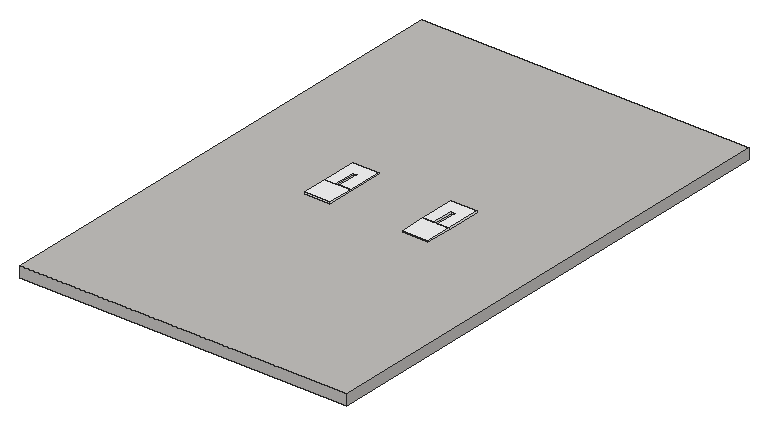
Revit family "Desk-Teknion-JNWDSE-Double_Sided_Rectangular_Exposed-R2018", category Furniture, Revit 2018
Family settings
  OmniClass Number = 23.40.20.00
  OmniClass Title = General Furniture and Specialties
  Work Plane-Based = No
  Always vertical = Yes
  Cut with Voids When Loaded = No
  Shared = Yes
  Room Calculation Point = No
Parameters (values of type "Double-Sided Beam")
  Worksurface Finish [instance] = Foundation Laminate - Teknion - LW - Storm White
  Width Note [instance] = if(and(or(Depth = 36.000", Depth = 48.000"), [Has Grommets - Both]), "48, 51, 54, 57, 60, 63, 66, 69, 72, 75, 78, 81, 84, 90, or 96 inches.", if(and(Depth = 60.000", [Has Grommets - Both]), "48, 51, 54, 57, 60, 63, 66, 69, 72, 75, 78, 81, or 84 inches.", if(and(or(Depth = 36.000", Depth = 48.000", Depth = 60.000"), [Has Square Cut-Out - Offset Left/Grommet - Center], [Has Square Cut-Out - Offset Right/Grommet - Center], [Has Square Cut-Out - Justified Adjacent/Grommet - Center], [Has Square Cut-Out - Justified Opposite/Grommet - Center]), "48, 51, 54, 57, 60, 63, 66, 69, 72, 75, 78, 81, or 84 inches.", if([Has Grommet - Center], "24, 27, 30, 33, 36, 39, 42, 45, 48, 51, 54, 57, 60, 63, 66, 69, 72, 75, 78, 81, or 84 inches.", if(and(or(Depth = 48.000", Depth = 60.000"), [Has Access Door - Center]), "30, 36, 42, 66, 72, 78, or 84 inches.", if(and(or(Depth = 48.000", Depth = 60.000"), [Has Access Door - Justified Adjacent], [Has Access Door - Justified Opposite]), "33, 36, 39, 42, 45, 48, 51, 54, 57, 60, 63, 66, 69, 72, 75, 78, 81, 84, 90, or 96 inches.", if(and(or(Depth = 48.000", Depth = 60.000"), [Has Access Door - Offset Left], [Has Access Door - Offset Right]), "60, 63, 66, 69, 72, 75, 78, 81, 84, 90, or 96 inches.", if(and(or(Depth = 48.000", Depth = 60.000"), [Has Access Door - Justified Adjacent/Grommet - Center], [Has Access Door - Justified Opposite/Grommet - Center], [Has End Access Door/Grommet - Center]), "48, 51, 54, 57, 60, 63, 66, 69, 72, 75, 78, 81, or 84 inches.", if(and(or(Depth = 48.000", Depth = 60.000"), [Has Access Door - Offset Left/Grommet - Center], [Has Access Door - Offset Right/Grommet - Center]), "60, 63, 66, 69, 72, 75, 78, 81, or 84 inches.", if(and(or(Depth = 36.000", Depth = 48.000"), [Has No Power/Data]), "24, 27, 30, 33, 36, 39, 42, 45, 48, 51, 54, 57, 60, 63, 66, 69, 72, 75, 78, 81, 84, 90, or 96 inches.", "24, 27, 30, 33, 36, 39, 42, 45, 48, 51, 54, 57, 60, 63, 66, 69, 72, 75, 78, 81, or 84 inches."))))))))))  # "24, 27, 30, 33, 36, 39, 42, 45, 48, 51, 54, 57, 60, 63, 66, 69, 72, 75, 78, 81, or 84 inches."
  Width [instance] = 57.000"
  Warranty = "http://www.teknion.com/ca/papers/legal-canada"
  Unit Weight URL = "http://www.teknion.com/ca/tools/assets#&asset=bee6a381-b954-425e-8283-5a2de3a804f2,f828d448-4b62-4231-9e5f-9a8991c0ed77"
  URL = "www.teknion.com"
  Top Right Square Cut 2D [instance] = or([Has Square Cut-Out - Offset Left/Grommet - Center], [Has Square Cut-Out - Justified Opposite/Grommet - Center])  # no
  Top Left Square Cut-Out Hole Depth [instance] = if(or([Has Square Cut-Out - Justified Adjacent/Grommet - Center], [Has Square Cut-Out - Offset Right/Grommet - Center]), 12.000", 4.000")  # 4.000"
  Top Left Square Cut-Out (2D) [instance] = or([Has Square Cut-Out - Justified Adjacent/Grommet - Center], [Has Square Cut-Out - Offset Right/Grommet - Center])  # no
  Sustainability Data = "http://www.teknion.com/ca/tools/assets#&topic=216f99a5-57a0-44fc-b10a-9dee9b29ae4c&asset=444deb64-fe58-4b68-981e-f75e97781df7"
  Top Right Square Cut-Out Hole Depth [instance] = if(or([Has Square Cut-Out - Offset Left/Grommet - Center], [Has Square Cut-Out - Justified Opposite/Grommet - Center]), 12.000", 4.000")  # 4.000"
  Single-Sided Beam = not([Double-Sided Beam])  # no
  Note [instance] = "Choose one of the following below."  # constant formula
  Model = "JNWDSED___"
  Leg Paint Finish [instance] = Mica - Teknion - V - Satin - Very White
  Left Square Cut Offset [instance] = if([Double-Sided Beam], 9.431", 7.738")  # 9.431"
  Left Grommet Offset [instance] = if([Double-Sided Beam], 6.890", 5.287")  # 6.890"
  Has Square Cut-Out - Offset Right/Grommet - Center [instance] = no
  Has Square Cut-Out - Offset Left/Grommet - Center [instance] = no
  Has Square Cut-Out - Justified Opposite/Grommet - Center [instance] = no
  Has Right Freestanding Leg [instance] = no
  Has No Power/Data [instance] = no
  Has Left Freestanding Leg [instance] = no
  Has Access Door - Justified Opposite/Grommet - Center [instance] = no
  Has Access Door - Justified Opposite [instance] = no
  Grommet Finish [instance] = Mica - Teknion - V - Satin - Very White
  Double-Sided Beam = yes
  Description = "Double-Sided Rectangular Worksurface - Exposed Beam, Double-Sided Beam"
  Center Grommet Offset [instance] = if([Double-Sided Beam], 4.174", 5.020")  # 4.174"
  Center Access Door Offset [instance] = if([Double-Sided Beam], 3.879", 3.031")  # 3.879"
  Bottom Right Square Cut-Out Hole Depth [instance] = if(or([Has Square Cut-Out - Offset Right/Grommet - Center], [Has Square Cut-Out - Justified Opposite/Grommet - Center]), 12.000", 4.000")  # 4.000"
  Bottom Right Square Cut 2D [instance] = or([Has Square Cut-Out - Offset Right/Grommet - Center], [Has Square Cut-Out - Justified Opposite/Grommet - Center])  # no
  Bottom Left Square Cut-Out Hole Depth [instance] = if(or([Has Square Cut-Out - Justified Adjacent/Grommet - Center], [Has Square Cut-Out - Offset Left/Grommet - Center]), 12.000", 4.000")  # 4.000"
  Series = "Cityline"  # constant formula
  Right Grommet [instance] = or([Has Grommets - Both])  # no
  Product Page URL = "http://www.teknion.com/ca/products/product-details?productlineid=9ad2a26e-8e7a-673b-a6c8-ff05004460c4"
  Product Line = "Cityline"  # constant formula
  Product Documentation Link = "http://www.teknion.com/pricing/expansion-cityline/pdfs/JNWDSE_ppg.pdf"
  Part Number = "JNWDSE"  # constant formula
  Manufacturer Phone = "416-661-3370"  # constant formula
  Manufacturer Fax = "416.661.4586"  # constant formula
  Manufacturer Contact Information = "http://www.teknion.com/ca/contactus"
  Manufacturer Address = "1150 Flint Road, Toronto, ON. M3J 2J5. Canada"  # constant formula
  Manufacturer = "Teknion"  # constant formula
  Left Grommet [instance] = or([Has Grommets - Both])  # no
  Has Square Cut-Out - Justified Adjacent/Grommet - Center [instance] = no
  Has Grommets - Both [instance] = no
  Has Grommet - Center [instance] = yes
  Has End Access Door/Grommet - Center [instance] = no
  Has Access Door - Offset Right/Grommet - Center [instance] = no
  Has Access Door - Offset Right [instance] = no
  Has Access Door - Offset Left/Grommet - Center [instance] = no
  Has Access Door - Offset Left [instance] = no
  Has Access Door - Justified Adjacent/Grommet - Center [instance] = no
  Has Access Door - Justified Adjacent [instance] = no
  Has Access Door - Center [instance] = no
  Bottom Left Square Cut-Out (2D) [instance] = or([Has Square Cut-Out - Justified Adjacent/Grommet - Center], [Has Square Cut-Out - Offset Left/Grommet - Center])  # no
  Available Depths [instance] = if(or([Has Access Door - Center], [Has Access Door - Justified Adjacent], [Has Access Door - Justified Opposite], [Has Access Door - Offset Left], [Has Access Door - Offset Right], [Has Access Door - Justified Opposite/Grommet - Center], [Has Access Door - Justified Adjacent/Grommet - Center], [Has End Access Door/Grommet - Center], [Has Access Door - Offset Left/Grommet - Center], [Has Access Door - Offset Right/Grommet - Center]), "48 or 60 inches.", "36, 48, or 60 inches.")  # "36, 48, or 60 inches."
  Actual Width [instance] = if([Single-Sided Beam], Width - 3.386", Width - 1.693")  # 55.307"
  Access Door Finish [instance] = Mica - Teknion - V - Satin - Very White
  Access Door Bottom Offset [instance] = if([Double-Sided Beam], 8.583", 6.890")  # 8.583"
  Access Door - Offset Right [instance] = or([Has Access Door - Offset Right], [Has Access Door - Offset Right/Grommet - Center], [Has Access Door - Justified Opposite], [Has Access Door - Justified Opposite/Grommet - Center])  # no
  Access Door - Offset Left [instance] = or([Has Access Door - Offset Left], [Has Access Door - Offset Left/Grommet - Center], [Has Access Door - Justified Opposite], [Has Access Door - Justified Opposite/Grommet - Center])  # no
  Access Door - Justified (Bottom) [instance] = or([Has Access Door - Justified Adjacent/Grommet - Center], [Has Access Door - Justified Adjacent], [Has Access Door - Offset Left], [Has Access Door - Offset Left/Grommet - Center])  # no
  Access Door - Justified (Top) [instance] = or([Has Access Door - Justified Adjacent/Grommet - Center], [Has Access Door - Justified Adjacent], [Has Access Door - Offset Right], [Has Access Door - Offset Right/Grommet - Center])  # no
  End Access Door [instance] = or([Has End Access Door/Grommet - Center])  # no
  Depth [instance] = 36.000"
  Center Grommet [instance] = or([Has Grommet - Center], [Has End Access Door/Grommet - Center], [Has Access Door - Justified Adjacent/Grommet - Center], [Has Square Cut-Out - Justified Adjacent/Grommet - Center], [Has Access Door - Offset Left/Grommet - Center], [Has Access Door - Offset Right/Grommet - Center], [Has Square Cut-Out - Offset Left/Grommet - Center], [Has Square Cut-Out - Offset Right/Grommet - Center], [Has Access Door - Justified Opposite/Grommet - Center], [Has Square Cut-Out - Justified Opposite/Grommet - Center])  # yes
  Center Access Door [instance] = or([Has Access Door - Center])  # no
  Assembly Code = "E2020200"
Reference planes (in)
  plane 1 "Center Front/Back": x = -13.69149
  plane 2: z = 0
  plane 3 "Center Left/Right": y = 9.10368
  plane 4 "Left": y = 36.75718
  plane 5 "Right": y = -18.54982
  plane 6 "Back": x = 4.30851
  plane 7 "Front": x = -31.69149
  plane 8 "Top": z = 29
  plane 9 "Void Cut Plane": z = 35
  plane 10: z = 29.15748
  plane 11: y = 35.25718
  plane 12: y = 31.79655
  plane 13: y = -17.04982
  plane 14: y = -13.58919
  plane 15: z = 27.69291
  plane 16: z = 27.81102
  plane 17: x = -4.69149
  plane 18: x = -22.69149
  plane 19: z = 29.07874
Forms (in)
  Extrusion 1, solid, material "Foundation Laminate - Teknion - LW - Storm White" <- "Worksurface Finish"
    sketch origin (-13.69149, 9.95018, 0) x (0, -1, 0) y (1, 0, 0)
      loop
        line (-26.807, 18) -> (-26.807, -18) -> (28.5, -18) -> (28.5, 18) -> (-26.807, 18)
    from 27.81102 to 29
  Extrusion 2, solid, material "Mica - Teknion - V - Satin - Very White" <- "Grommet Finish", visible <- "Center Grommet"
    sketch origin (-13.69149, 9.95018, 0) x (0, -1, 0) y (1, 0, 0)
      loop
        line (0.47859, 6.81573) -> (-3.3275, 6.81573) -> (-3.3275, 3.97167) -> (0.47859, 3.97167) -> (0.47859, 5.18103) -> (-1.80002, 5.18103) -> (-1.80002, 5.60637) -> (0.47859, 5.60637) -> (0.47859, 6.81573)
    from 29 to 29.15748
  Extrusion 3, solid, material "Mica - Teknion - V - Satin - Very White" <- "Grommet Finish", visible <- "Center Grommet"
    sketch origin (-13.69149, 9.95018, 0) x (0, -1, 0) y (1, 0, 0)
      loop
        line (0.47859, 6.81573) -> (0.47859, 3.97167) -> (3.32682, 3.97167) -> (3.32682, 6.81573) -> (0.47859, 6.81573)
    from 29 to 29.15748
  Extrusion 4, solid, material "Mica - Teknion - V - Satin - Very White" <- "Grommet Finish", visible <- "Center Grommet"
    sketch origin (-24.47889, 9.95018, 0) x (0, -1, 0) y (1, 0, 0)
      loop
        line (0.47859, 6.81573) -> (-3.3275, 6.81573) -> (-3.3275, 3.97167) -> (0.47859, 3.97167) -> (0.47859, 5.18103) -> (-1.80002, 5.18103) -> (-1.80002, 5.60637) -> (0.47859, 5.60637) -> (0.47859, 6.81573)
    from 29 to 29.15748
  Extrusion 5, solid, material "Mica - Teknion - V - Satin - Very White" <- "Grommet Finish", visible <- "Center Grommet"
    sketch origin (-24.47889, 9.95018, 0) x (0, -1, 0) y (1, 0, 0)
      loop
        line (0.47859, 6.81573) -> (0.47859, 3.97167) -> (3.32682, 3.97167) -> (3.32682, 6.81573) -> (0.47859, 6.81573)
    from 29 to 29.15748
  Extrusion 6, solid, material "Mica - Teknion - V - Satin - Very White" <- "Grommet Finish", visible <- "Left Grommet"
    sketch origin (-13.69149, 47.73318, 0) x (0, 1, 0) y (-1, 0, 0)
      loop
        line (-20.71423, -6.81573) -> (-20.71423, -5.60637) -> (-22.99283, -5.60637) -> (-22.99283, -5.18103) -> (-20.71423, -5.18103) -> (-20.71423, -3.97167) -> (-24.52032, -3.97167) -> (-24.52032, -6.81573) -> (-20.71423, -6.81573)
    from 29 to 29.15748
  Extrusion 7, solid, material "Mica - Teknion - V - Satin - Very White" <- "Grommet Finish", visible <- "Left Grommet"
    sketch origin (-13.69149, 47.73318, 0) x (0, 1, 0) y (-1, 0, 0)
      loop
        line (-20.71423, -6.81573) -> (-17.866, -6.81573) -> (-17.866, -3.97167) -> (-20.71423, -3.97167) -> (-20.71423, -6.81573)
    from 29 to 29.15748
  Extrusion 8, solid, material "Mica - Teknion - V - Satin - Very White" <- "Grommet Finish", visible <- "Left Grommet"
    sketch origin (-24.47889, 47.73318, 0) x (0, 1, 0) y (-1, 0, 0)
      loop
        line (-20.71423, -6.81573) -> (-20.71423, -5.60637) -> (-22.99283, -5.60637) -> (-22.99283, -5.18103) -> (-20.71423, -5.18103) -> (-20.71423, -3.97167) -> (-24.52032, -3.97167) -> (-24.52032, -6.81573) -> (-20.71423, -6.81573)
    from 29 to 29.15748
  Extrusion 9, solid, material "Mica - Teknion - V - Satin - Very White" <- "Grommet Finish", visible <- "Left Grommet"
    sketch origin (-24.47889, 47.73318, 0) x (0, 1, 0) y (-1, 0, 0)
      loop
        line (-20.71423, -6.81573) -> (-17.866, -6.81573) -> (-17.866, -3.97167) -> (-20.71423, -3.97167) -> (-20.71423, -6.81573)
    from 29 to 29.15748
  Extrusion 10, solid, material "Mica - Teknion - V - Satin - Very White" <- "Grommet Finish", visible <- "Right Grommet"
    sketch origin (-13.69149, -26.04982, 0) x (0, -1, 0) y (1, 0, 0)
      loop
        line (-19.02107, 6.81573) -> (-22.82716, 6.81573) -> (-22.82716, 3.97167) -> (-19.02107, 3.97167) -> (-19.02107, 5.18103) -> (-21.29967, 5.18103) -> (-21.29967, 5.60637) -> (-19.02107, 5.60637) -> (-19.02107, 6.81573)
    from 29 to 29.15748
  Extrusion 11, solid, material "Mica - Teknion - V - Satin - Very White" <- "Grommet Finish", visible <- "Right Grommet"
    sketch origin (-13.69149, -26.04982, 0) x (0, -1, 0) y (1, 0, 0)
      loop
        line (-19.02107, 6.81573) -> (-19.02107, 3.97167) -> (-16.17284, 3.97167) -> (-16.17284, 6.81573) -> (-19.02107, 6.81573)
    from 29 to 29.15748
  Extrusion 12, solid, material "Mica - Teknion - V - Satin - Very White" <- "Grommet Finish", visible <- "Right Grommet"
    sketch origin (-24.47889, -26.04982, 0) x (0, -1, 0) y (1, 0, 0)
      loop
        line (-19.02107, 6.81573) -> (-22.82716, 6.81573) -> (-22.82716, 3.97167) -> (-19.02107, 3.97167) -> (-19.02107, 5.18103) -> (-21.29967, 5.18103) -> (-21.29967, 5.60637) -> (-19.02107, 5.60637) -> (-19.02107, 6.81573)
    from 29 to 29.15748
  Extrusion 13, solid, material "Mica - Teknion - V - Satin - Very White" <- "Grommet Finish", visible <- "Right Grommet"
    sketch origin (-24.47889, -26.04982, 0) x (0, -1, 0) y (1, 0, 0)
      loop
        line (-19.02107, 6.81573) -> (-19.02107, 3.97167) -> (-16.17284, 3.97167) -> (-16.17284, 6.81573) -> (-19.02107, 6.81573)
    from 29 to 29.15748
  Extrusion 14, solid, material "Mica - Teknion - V - Satin - Very White" <- "Access Door Finish", visible <- "Center Access Door"
    sketch origin (-13.69149, 10.79618, 29) x (0, 1, 0) y (-1, 0, 0)
      loop
        line (3.56236, -2.58661) -> (-5.25654, -2.58661) -> (-5.25654, -8.41339) -> (3.56236, -8.41339) -> (3.56236, -2.58661)
      loop
        line (3.87732, -8.72835) -> (3.87732, -2.27165) -> (-5.5715, -2.27165) -> (-5.5715, -8.72835) -> (3.87732, -8.72835)
    from 0 to 0.07874
  Extrusion 15, solid, material "Mica - Teknion - V - Satin - Very White" <- "Access Door Finish", visible <- "Center Access Door"
    sketch origin (-13.69149, 10.79618, 29) x (0, 1, 0) y (-1, 0, 0)
      loop
        line (-5.2178, -7.88189) -> (3.52236, -7.88189) -> (3.52236, -3.11811) -> (-5.2178, -3.11811) -> (-5.2178, -7.88189)
    from 0 to 0.07874
  Extrusion 16, solid, material "Mica - Teknion - V - Satin - Very White" <- "Access Door Finish", visible <- "Center Access Door"
    sketch origin (-13.69149, 10.79518, 29) x (0, 1, 0) y (-1, 0, 0)
      loop
        line (-5.21658, 7.88189) -> (-5.21658, 3.11811) -> (3.52358, 3.11811) -> (3.52358, 7.88189) -> (-5.21658, 7.88189)
    from 0 to 0.07874
  Extrusion 17, solid, material "Mica - Teknion - V - Satin - Very White" <- "Access Door Finish", visible <- "Center Access Door"
    sketch origin (-13.69149, 10.79518, 29) x (0, 1, 0) y (-1, 0, 0)
      loop
        line (3.56336, 2.58661) -> (3.56336, 8.41339) -> (-5.25554, 8.41339) -> (-5.25554, 2.58661) -> (3.56336, 2.58661)
      loop
        line (3.87832, 8.72835) -> (-5.5705, 8.72835) -> (-5.5705, 2.27165) -> (3.87832, 2.27165) -> (3.87832, 8.72835)
    from 0 to 0.07874
  Extrusion 18, solid, material "Mica - Teknion - V - Satin - Very White" <- "Access Door Finish", visible <- "End Access Door"
    sketch origin (-13.69149, 9.95018, 29) x (0, 1, 0) y (-1, 0, 0)
      loop
        line (18.09145, -13.72441) -> (24.54814, -13.72441) -> (24.54814, -4.27559) -> (18.09145, -4.27559) -> (18.09145, -13.72441)
      loop
        line (24.23318, -13.40945) -> (24.23318, -4.59055) -> (18.40641, -4.59055) -> (18.40641, -13.40945) -> (24.23318, -13.40945)
    from 0 to 0.15748
  Extrusion 19, solid, material "Mica - Teknion - V - Satin - Very White" <- "Access Door Finish", visible <- "End Access Door"
    sketch origin (-13.69149, 9.95018, 29) x (0, 1, 0) y (-1, 0, 0)
      loop
        line (23.70169, -13.37008) -> (23.70169, -4.62992) -> (18.93791, -4.62992) -> (18.93791, -13.37008) -> (23.70169, -13.37008)
    from 0 to 0.15748
  Extrusion 20, solid, material "Mica - Teknion - V - Satin - Very White" <- "Access Door Finish", visible <- "End Access Door"
    sketch origin (-13.69149, 9.95018, 29) x (0, 1, 0) y (-1, 0, 0)
      loop
        line (18.09145, 13.72441) -> (18.09145, 4.27559) -> (24.54814, 4.27559) -> (24.54814, 13.72441) -> (18.09145, 13.72441)
      loop
        line (24.23318, 13.40945) -> (18.40641, 13.40945) -> (18.40641, 4.59055) -> (24.23318, 4.59055) -> (24.23318, 13.40945)
    from 0 to 0.15748
  Extrusion 21, solid, material "Mica - Teknion - V - Satin - Very White" <- "Access Door Finish", visible <- "End Access Door"
    sketch origin (-13.69149, 9.95018, 29) x (0, 1, 0) y (-1, 0, 0)
      loop
        line (23.70169, 13.37008) -> (18.93791, 13.37008) -> (18.93791, 4.62992) -> (23.70169, 4.62992) -> (23.70169, 13.37008)
    from 0 to 0.15748
  Extrusion 22, solid, material "Mica - Teknion - V - Satin - Very White" <- "Access Door Finish", visible <- "Access Door - Justified (Top)"
    sketch origin (-44.70428, 55.33577, 29) x (1, 0, 0) y (0, 1, 0)
      loop
        line (33.28445, -36.61041) -> (39.74114, -36.61041) -> (39.74114, -27.16159) -> (33.28445, -27.16159) -> (33.28445, -36.61041)
      loop
        line (39.42618, -36.29545) -> (39.42618, -27.47655) -> (33.59941, -27.47655) -> (33.59941, -36.29545) -> (39.42618, -36.29545)
    from 0 to 0.07874
  Extrusion 23, solid, material "Mica - Teknion - V - Satin - Very White" <- "Access Door Finish", visible <- "Access Door - Justified (Top)"
    sketch origin (-44.70428, 55.33577, 29) x (1, 0, 0) y (0, 1, 0)
      loop
        line (38.89469, -36.25608) -> (38.89469, -27.51592) -> (34.13091, -27.51592) -> (34.13091, -36.25608) -> (38.89469, -36.25608)
    from 0 to 0.07874
  Extrusion 24, solid, material "Mica - Teknion - V - Satin - Very White" <- "Access Door Finish", visible <- "Access Door - Justified (Bottom)"
    sketch origin (17.32131, 51.95018, 29) x (-1, 0, 0) y (0, -1, 0)
      loop
        line (33.28445, 33.22482) -> (33.28445, 23.776) -> (39.74114, 23.776) -> (39.74114, 33.22482) -> (33.28445, 33.22482)
      loop
        line (39.42618, 32.90986) -> (33.59941, 32.90986) -> (33.59941, 24.09096) -> (39.42618, 24.09096) -> (39.42618, 32.90986)
    from 0 to 0.07874
  Extrusion 25, solid, material "Mica - Teknion - V - Satin - Very White" <- "Access Door Finish", visible <- "Access Door - Justified (Bottom)"
    sketch origin (17.32131, 55.33514, 29) x (-1, 0, 0) y (0, -1, 0)
      loop
        line (38.89469, 36.25608) -> (34.13091, 36.25608) -> (34.13091, 27.51592) -> (38.89469, 27.51592) -> (38.89469, 36.25608)
    from 0 to 0.07874
  Extrusion 26, void
    sketch origin (-13.69149, 13.40718, 35) x (-1, 0, 0) y (0, -1, 0)
      loop
        arc (4.51732, -13.62924) -> (4.60219, -13.83413) -> (4.80709, -13.919) r 0.28976
        line (4.80709, -13.919) -> (5.98031, -13.919)
        arc (5.98031, -13.919) -> (6.18521, -13.83413) -> (6.27008, -13.62924) r 0.28976
        line (6.27008, -13.62924) -> (6.27008, -12.45601)
        arc (6.27008, -12.45601) -> (6.18521, -12.25111) -> (5.98031, -12.16624) r 0.28976
        line (5.98031, -12.16624) -> (4.80709, -12.16624)
        arc (4.80709, -12.16624) -> (4.60219, -12.25111) -> (4.51732, -12.45601) r 0.28976
        line (4.51732, -12.45601) -> (4.51732, -13.62924)
    from 0 to -4
  Extrusion 27, solid, material "Mica - Teknion - V - Satin - Very White" <- "Access Door Finish", visible <- "Access Door - Offset Left"
    sketch origin (-44.70428, -29.04982, 29) x (1, 0, 0) y (0, 1, 0)
      loop
        line (33.28445, 30.22441) -> (33.28445, 20.77559) -> (39.74114, 20.77559) -> (39.74114, 30.22441) -> (33.28445, 30.22441)
      loop
        line (39.42618, 29.90945) -> (33.59941, 29.90945) -> (33.59941, 21.09055) -> (39.42618, 21.09055) -> (39.42618, 29.90945)
    from 0 to 0.07874
  Extrusion 28, solid, material "Mica - Teknion - V - Satin - Very White" <- "Access Door Finish", visible <- "Access Door - Offset Left"
    sketch origin (-44.70428, -29.04982, 29) x (1, 0, 0) y (0, 1, 0)
      loop
        line (38.89469, 29.87008) -> (34.13091, 29.87008) -> (34.13091, 21.12992) -> (38.89469, 21.12992) -> (38.89469, 29.87008)
    from 0 to 0.07874
  Extrusion 29, solid, material "Mica - Teknion - V - Satin - Very White" <- "Access Door Finish", visible <- "Access Door - Offset Right"
    sketch origin (-55.70428, -32.04982, 29) x (1, 0, 0) y (0, 1, 0)
      loop
        line (33.28445, 33.22441) -> (33.28445, 23.77559) -> (39.74114, 23.77559) -> (39.74114, 33.22441) -> (33.28445, 33.22441)
      loop
        line (39.42618, 32.90945) -> (33.59941, 32.90945) -> (33.59941, 24.09055) -> (39.42618, 24.09055) -> (39.42618, 32.90945)
    from 0 to 0.07874
  Extrusion 30, solid, material "Mica - Teknion - V - Satin - Very White" <- "Access Door Finish", visible <- "Access Door - Offset Right"
    sketch origin (-55.70428, -32.04982, 29) x (1, 0, 0) y (0, 1, 0)
      loop
        line (38.89469, 32.87008) -> (34.13091, 32.87008) -> (34.13091, 24.12992) -> (38.89469, 24.12992) -> (38.89469, 32.87008)
    from 0 to 0.07874
  Extrusion 31, void
    sketch origin (-13.69149, 13.40718, 35) x (1, 0, 0) y (0, 1, 0)
      loop
        line (4.51732, 13.62924) -> (4.51732, 12.45601)
        arc (4.51732, 12.45601) -> (4.60219, 12.25111) -> (4.80709, 12.16624) r 0.28976
        line (4.80709, 12.16624) -> (5.98031, 12.16624)
        arc (5.98031, 12.16624) -> (6.18521, 12.25111) -> (6.27008, 12.45601) r 0.28976
        line (6.27008, 12.45601) -> (6.27008, 13.62924)
        arc (6.27008, 13.62924) -> (6.18521, 13.83413) -> (5.98031, 13.919) r 0.28976
        line (5.98031, 13.919) -> (4.80709, 13.919)
        arc (4.80709, 13.919) -> (4.60219, 13.83413) -> (4.51732, 13.62924) r 0.28976
    from 0 to -4
  Extrusion 32, void
    sketch origin (-13.69149, 9.95018, 35) x (1, 0, 0) y (0, 1, 0)
      loop
        arc (4.51732, -17.08661) -> (4.60219, -17.29151) -> (4.80709, -17.37638) r 0.28976
        line (4.80709, -17.37638) -> (5.98031, -17.37638)
        arc (5.98031, -17.37638) -> (6.18521, -17.29151) -> (6.27008, -17.08661) r 0.28976
        line (6.27008, -17.08661) -> (6.27008, -15.91339)
        arc (6.27008, -15.91339) -> (6.18521, -15.70849) -> (5.98031, -15.62362) r 0.28976
        line (5.98031, -15.62362) -> (4.80709, -15.62362)
        arc (4.80709, -15.62362) -> (4.60219, -15.70849) -> (4.51732, -15.91339) r 0.28976
        line (4.51732, -15.91339) -> (4.51732, -17.08661)
    from 0 to -4
  Extrusion 33, void
    sketch origin (-13.69149, 9.95018, 35) x (-1, 0, 0) y (0, -1, 0)
      loop
        line (4.51732, 17.08661) -> (4.51732, 15.91339)
        arc (4.51732, 15.91339) -> (4.60219, 15.70849) -> (4.80709, 15.62362) r 0.28976
        line (4.80709, 15.62362) -> (5.98031, 15.62362)
        arc (5.98031, 15.62362) -> (6.18521, 15.70849) -> (6.27008, 15.91339) r 0.28976
        line (6.27008, 15.91339) -> (6.27008, 17.08661)
        arc (6.27008, 17.08661) -> (6.18521, 17.29151) -> (5.98031, 17.37638) r 0.28976
        line (5.98031, 17.37638) -> (4.80709, 17.37638)
        arc (4.80709, 17.37638) -> (4.60219, 17.29151) -> (4.51732, 17.08661) r 0.28976
    from 0 to -4
  Extrusion 34, solid, material "Mica - Teknion - V - Satin - Very White" <- "Leg Paint Finish", visible <- "Has Left Freestanding Leg"
    sketch origin (0, 36.75718, 0) x (1, 0, 0) y (0, 0, 1)
      loop
        line (0.20189, 27.69291) -> (-27.58486, 27.69291) -> (-31.09905, 1) -> (-28.57748, 1) -> (-25.82018, 21.9438)
        arc (-25.82018, 21.9438) -> (-25.56502, 22.5598) -> (-24.94901, 22.81496) r 0.87116
        line (-24.94901, 22.81496) -> (-2.43396, 22.81496)
        arc (-2.43396, 22.81496) -> (-1.86522, 22.6009) -> (-1.57875, 22.06496) r 0.86259
        line (-1.57875, 22.06496) -> (1.1945, 1) -> (3.71608, 1) -> (0.20189, 27.69291)
    from 0 to 1.5
  Extrusion 35, solid, material "Mica - Teknion - V - Satin - Very White" <- "Leg Paint Finish", visible <- "Has Left Freestanding Leg"
    sketch origin (-13.69149, 9.95018, 35) x (-1, 0, 0) y (0, -1, 0)
      loop
        line (-16.41306, -21.84637) -> (-16.41306, -26.807) -> (16.41306, -26.807) -> (16.41306, -21.84637) -> (-16.41306, -21.84637)
    from -7.30709 to -7.18898
  Extrusion 36, solid, material "Mica - Teknion - V - Satin - Very White" <- "Leg Paint Finish", visible <- "Has Right Freestanding Leg"
    sketch origin (-13.69149, 9.95018, 35) x (-1, 0, 0) y (0, -1, 0)
      loop
        line (-16.41306, 23.53937) -> (16.41306, 23.53937) -> (16.41306, 28.5) -> (-16.41306, 28.5) -> (-16.41306, 23.53937)
    from -7.30709 to -7.18898
  Extrusion 37, solid, material "Mica - Teknion - V - Satin - Very White" <- "Leg Paint Finish", visible <- "Has Right Freestanding Leg"
    sketch origin (-14.68599, -17.04982, 0) x (1, 0, 0) y (0, 0, 1)
      loop
        line (14.88788, 27.69291) -> (-12.89887, 27.69291) -> (-16.41306, 1) -> (-13.89149, 1) -> (-11.13418, 21.9438)
        arc (-11.13418, 21.9438) -> (-10.87903, 22.5598) -> (-10.26302, 22.81496) r 0.87116
        line (-10.26302, 22.81496) -> (12.25203, 22.81496)
        arc (12.25203, 22.81496) -> (12.82077, 22.6009) -> (13.10724, 22.06496) r 0.86259
        line (13.10724, 22.06496) -> (15.8805, 1) -> (18.40207, 1) -> (14.88788, 27.69291)
    from 0 to 1.5
  Extrusion 38, solid, material "Mica - Teknion - V - Satin - Very White" <- "Leg Paint Finish", visible <- "Has Right Freestanding Leg"
    sketch origin (0, -18.54982, 0) x (1, 0, 0) y (0, 0, -1)
      loop
        line (-28.89516, -1) -> (-29.02681, 0) -> (-31.09172, 0) -> (-30.96007, -1) -> (-28.89516, -1)
    from 0 to 1.5
  Extrusion 39, solid, material "Mica - Teknion - V - Satin - Very White" <- "Leg Paint Finish", visible <- "Has Right Freestanding Leg"
    sketch origin (0, -18.54982, 0) x (-1, 0, 0) y (0, 0, 1)
      loop
        line (-1.51218, 1) -> (-3.57709, 1) -> (-3.70874, 0) -> (-1.64383, 0) -> (-1.51218, 1)
    from 0 to 1.5
  Extrusion 40, solid, material "Mica - Teknion - V - Satin - Very White" <- "Leg Paint Finish", visible <- "Has Left Freestanding Leg"
    sketch origin (-13.69149, 38.45018, 0) x (1, 0, 0) y (0, 0, 1)
      loop
        line (-15.20367, 1) -> (-17.26858, 1) -> (-17.40023, 0) -> (-15.33532, 0) -> (-15.20367, 1)
    from 1.693 to 3.193
  Extrusion 41, solid, material "Mica - Teknion - V - Satin - Very White" <- "Leg Paint Finish", visible <- "Has Left Freestanding Leg"
    sketch origin (-13.69149, 38.45018, 0) x (-1, 0, 0) y (0, 0, -1)
      loop
        line (-15.20367, -1) -> (-15.33532, 0) -> (-17.40023, 0) -> (-17.26858, -1) -> (-15.20367, -1)
    from 1.693 to 3.193
Cuts and joins
  Extrusion 26, Extrusion 31, Extrusion 32, Extrusion 33 cuts Extrusion 1
Lines and regions (in)
  Masking region 1
    outline origin (-13.69149, 9.95018, 35) x (-1, 0, 0) y (0, -1, 0)
      loop
        line (-18, 28.5) -> (-18, -26.807) -> (18, -26.807) -> (18, 28.5) -> (-18, 28.5)
  symbolic lines, visible <- "End Access Door"
    curve 1: line (-9.10094, 34.18337, 35) -> (-0.28204, 34.18337, 35)
    curve 2: line (-0.28204, 34.18337, 35) -> (-0.28204, 28.35659, 35)
    curve 3: line (-0.28204, 28.35659, 35) -> (-9.10094, 28.35659, 35)
    curve 4: line (-9.10094, 28.35659, 35) -> (-9.10094, 34.18337, 35)
    curve 5: line (0.03292, 34.49833, 35) -> (-9.4159, 34.49833, 35)
    curve 6: line (-9.4159, 34.49833, 35) -> (-9.4159, 28.04163, 35)
    curve 7: line (-9.4159, 28.04163, 35) -> (0.03292, 28.04163, 35)
    curve 8: line (0.03292, 28.04163, 35) -> (0.03292, 34.49833, 35)
    curve 9: line (-0.32141, 33.65187, 35) -> (-9.06157, 33.65187, 35)
    curve 10: line (-9.06157, 33.65187, 35) -> (-9.06157, 28.88809, 35)
    curve 11: line (-9.06157, 28.88809, 35) -> (-0.32141, 28.88809, 35)
    curve 12: line (-0.32141, 28.88809, 35) -> (-0.32141, 33.65187, 35)
    curve 13: line (-17.96708, 34.49833, 35) -> (-27.4159, 34.49833, 35)
    curve 14: line (-27.4159, 34.49833, 35) -> (-27.4159, 28.04163, 35)
    curve 15: line (-27.4159, 28.04163, 35) -> (-17.96708, 28.04163, 35)
    curve 16: line (-17.96708, 28.04163, 35) -> (-17.96708, 34.49833, 35)
    curve 17: line (-27.10094, 34.18337, 35) -> (-18.28204, 34.18337, 35)
    curve 18: line (-18.28204, 34.18337, 35) -> (-18.28204, 28.35659, 35)
    curve 19: line (-18.28204, 28.35659, 35) -> (-27.10094, 28.35659, 35)
    curve 20: line (-27.10094, 28.35659, 35) -> (-27.10094, 34.18337, 35)
    curve 21: line (-18.32141, 33.65187, 35) -> (-27.06157, 33.65187, 35)
    curve 22: line (-27.06157, 33.65187, 35) -> (-27.06157, 28.88809, 35)
    curve 23: line (-27.06157, 28.88809, 35) -> (-18.32141, 28.88809, 35)
    curve 24: line (-18.32141, 28.88809, 35) -> (-18.32141, 33.65187, 35)
  symbolic lines, visible <- "Access Door - Justified (Top)"
    curve 25: line (-4.96314, 18.72537, 35) -> (-4.96314, 28.17418, 35)
    curve 26: line (-4.96314, 28.17418, 35) -> (-11.41984, 28.17418, 35)
    curve 27: line (-11.41984, 28.17418, 35) -> (-11.41984, 18.72537, 35)
    curve 28: line (-11.41984, 18.72537, 35) -> (-4.96314, 18.72537, 35)
    curve 29: line (-5.2781, 27.85922, 35) -> (-5.2781, 19.04033, 35)
    curve 30: line (-5.2781, 19.04033, 35) -> (-11.10487, 19.04033, 35)
    curve 31: line (-11.10487, 19.04033, 35) -> (-11.10487, 27.85922, 35)
    curve 32: line (-11.10487, 27.85922, 35) -> (-5.2781, 27.85922, 35)
    curve 33: line (-10.57338, 27.81985, 35) -> (-10.57338, 19.0797, 35)
    curve 34: line (-10.57338, 19.0797, 35) -> (-5.8096, 19.0797, 35)
    curve 35: line (-5.8096, 19.0797, 35) -> (-5.8096, 27.81985, 35)
    curve 36: line (-5.8096, 27.81985, 35) -> (-10.57338, 27.81985, 35)
  symbolic lines, visible <- "Access Door - Justified (Bottom)"
    curve 37: line (-15.96314, 18.72537, 35) -> (-15.96314, 28.17418, 35)
    curve 38: line (-15.96314, 28.17418, 35) -> (-22.41984, 28.17418, 35)
    curve 39: line (-22.41984, 28.17418, 35) -> (-22.41984, 18.72537, 35)
    curve 40: line (-22.41984, 18.72537, 35) -> (-15.96314, 18.72537, 35)
    curve 41: line (-16.2781, 27.85922, 35) -> (-16.2781, 19.04033, 35)
    curve 42: line (-16.2781, 19.04033, 35) -> (-22.10487, 19.04033, 35)
    curve 43: line (-22.10487, 19.04033, 35) -> (-22.10487, 27.85922, 35)
    curve 44: line (-22.10487, 27.85922, 35) -> (-16.2781, 27.85922, 35)
    curve 45: line (-16.8096, 19.07907, 35) -> (-16.8096, 27.81922, 35)
    curve 46: line (-16.8096, 27.81922, 35) -> (-21.57338, 27.81922, 35)
    curve 47: line (-21.57338, 27.81922, 35) -> (-21.57338, 19.07907, 35)
    curve 48: line (-21.57338, 19.07907, 35) -> (-16.8096, 19.07907, 35)
  symbolic lines, visible <- "Center Access Door"
    curve 49: line (-4.96314, 5.22468, 35) -> (-4.96314, 14.6735, 35)
    curve 50: line (-4.96314, 14.6735, 35) -> (-11.41984, 14.6735, 35)
    curve 51: line (-11.41984, 14.6735, 35) -> (-11.41984, 5.22468, 35)
    curve 52: line (-11.41984, 5.22468, 35) -> (-4.96314, 5.22468, 35)
    curve 53: line (-5.2781, 14.35854, 35) -> (-5.2781, 5.53964, 35)
    curve 54: line (-5.2781, 5.53964, 35) -> (-11.10487, 5.53964, 35)
    curve 55: line (-11.10487, 5.53964, 35) -> (-11.10487, 14.35854, 35)
    curve 56: line (-11.10487, 14.35854, 35) -> (-5.2781, 14.35854, 35)
    curve 57: line (-5.8096, 5.57839, 35) -> (-5.8096, 14.31854, 35)
    curve 58: line (-5.8096, 14.31854, 35) -> (-10.57338, 14.31854, 35)
    curve 59: line (-10.57338, 14.31854, 35) -> (-10.57338, 5.57839, 35)
    curve 60: line (-10.57338, 5.57839, 35) -> (-5.8096, 5.57839, 35)
    curve 61: line (-16.2781, 14.35854, 35) -> (-16.2781, 5.53964, 35)
    curve 62: line (-16.2781, 5.53964, 35) -> (-22.10487, 5.53964, 35)
    curve 63: line (-22.10487, 5.53964, 35) -> (-22.10487, 14.35854, 35)
    curve 64: line (-22.10487, 14.35854, 35) -> (-16.2781, 14.35854, 35)
    curve 65: line (-22.41984, 14.6735, 35) -> (-22.41984, 5.22468, 35)
    curve 66: line (-22.41984, 5.22468, 35) -> (-15.96314, 5.22468, 35)
    curve 67: line (-15.96314, 5.22468, 35) -> (-15.96314, 14.6735, 35)
    curve 68: line (-15.96314, 14.6735, 35) -> (-22.41984, 14.6735, 35)
    curve 69: line (-16.8096, 5.57861, 35) -> (-16.8096, 14.31876, 35)
    curve 70: line (-16.8096, 14.31876, 35) -> (-21.57338, 14.31876, 35)
    curve 71: line (-21.57338, 14.31876, 35) -> (-21.57338, 5.57861, 35)
    curve 72: line (-21.57338, 5.57861, 35) -> (-16.8096, 5.57861, 35)
  symbolic lines, visible <- "Access Door - Offset Left"
    curve 73: line (-4.96314, -8.27423, 35) -> (-4.96314, 1.17459, 35)
    curve 74: line (-4.96314, 1.17459, 35) -> (-11.41984, 1.17459, 35)
    curve 75: line (-11.41984, 1.17459, 35) -> (-11.41984, -8.27423, 35)
    curve 76: line (-11.41984, -8.27423, 35) -> (-4.96314, -8.27423, 35)
    curve 77: line (-5.2781, 0.85963, 35) -> (-5.2781, -7.95926, 35)
    curve 78: line (-5.2781, -7.95926, 35) -> (-11.10487, -7.95926, 35)
    curve 79: line (-11.10487, -7.95926, 35) -> (-11.10487, 0.85963, 35)
    curve 80: line (-11.10487, 0.85963, 35) -> (-5.2781, 0.85963, 35)
    curve 81: line (-5.8096, -7.91989, 35) -> (-5.8096, 0.82026, 35)
    curve 82: line (-5.8096, 0.82026, 35) -> (-10.57338, 0.82026, 35)
    curve 83: line (-10.57338, 0.82026, 35) -> (-10.57338, -7.91989, 35)
    curve 84: line (-10.57338, -7.91989, 35) -> (-5.8096, -7.91989, 35)
  symbolic lines, visible <- "Access Door - Offset Right"
    curve 85: line (-15.96314, -8.27423, 35) -> (-15.96314, 1.17459, 35)
    curve 86: line (-15.96314, 1.17459, 35) -> (-22.41984, 1.17459, 35)
    curve 87: line (-22.41984, 1.17459, 35) -> (-22.41984, -8.27423, 35)
    curve 88: line (-22.41984, -8.27423, 35) -> (-15.96314, -8.27423, 35)
    curve 89: line (-16.2781, 0.85963, 35) -> (-16.2781, -7.95926, 35)
    curve 90: line (-16.2781, -7.95926, 35) -> (-22.10487, -7.95926, 35)
    curve 91: line (-22.10487, -7.95926, 35) -> (-22.10487, 0.85963, 35)
    curve 92: line (-22.10487, 0.85963, 35) -> (-16.2781, 0.85963, 35)
    curve 93: line (-21.57338, 0.82026, 35) -> (-21.57338, -7.91989, 35)
    curve 94: line (-21.57338, -7.91989, 35) -> (-16.8096, -7.91989, 35)
    curve 95: line (-16.8096, -7.91989, 35) -> (-16.8096, 0.82026, 35)
    curve 96: line (-16.8096, 0.82026, 35) -> (-21.57338, 0.82026, 35)
  symbolic lines, style "FurnitureHiddenLines", visible <- "Has Left Freestanding Leg", detail levels medium+fine
    curve 97: line (2.72157, 36.75718, 35) -> (2.72157, 31.79655, 35)
    curve 98: line (2.72157, 31.79655, 35) -> (-30.10455, 31.79655, 35)
    curve 99: line (-30.10455, 31.79655, 35) -> (-30.10455, 36.75718, 35)
    curve 103: line (3.71608, 35.25718, 35) -> (-31.09905, 35.25718, 35)
    curve 104: line (-31.09905, 36.75718, 35) -> (-31.09905, 35.25718, 35)
    curve 105: line (3.71608, 35.25718, 35) -> (3.71608, 36.75718, 35)
  symbolic lines, style "FurnitureHiddenLines", visible <- "Has Right Freestanding Leg", detail levels medium+fine
    curve 100: line (-30.10455, -18.54982, 35) -> (-30.10455, -13.58919, 35)
    curve 101: line (-30.10455, -13.58919, 35) -> (2.72157, -13.58919, 35)
    curve 102: line (2.72157, -13.58919, 35) -> (2.72157, -18.54982, 35)
    curve 108: line (-31.09905, -17.04982, 35) -> (3.71608, -17.04982, 35)
    curve 109: line (3.71608, -18.54982, 35) -> (3.71608, -17.04982, 35)
    curve 110: line (-31.09905, -17.04982, 35) -> (-31.09905, -18.54982, 35)
  symbolic lines, style "FurnitureHiddenLines", visible <- "Has Left Freestanding Leg", detail levels fine
    curve 106: line (1.51218, 36.75718, 35) -> (1.51218, 35.25718, 35)
    curve 107: line (-28.89516, 35.25718, 35) -> (-28.89516, 36.75718, 35)
  symbolic lines, style "FurnitureHiddenLines", visible <- "Has Right Freestanding Leg", detail levels fine
    curve 111: line (1.51218, -17.04982, 35) -> (1.51218, -18.54982, 35)
    curve 112: line (-28.89516, -18.54982, 35) -> (-28.89516, -17.04982, 35)
  symbolic lines, visible <- "Has Grommets - Both"
    curve 113: line (-6.87576, 27.01896, 35) -> (-9.71982, 27.01896, 35)
    curve 114: line (-6.87576, 29.86718, 35) -> (-6.87576, 27.01896, 35)
    curve 115: line (-9.71982, 29.86718, 35) -> (-6.87576, 29.86718, 35)
    curve 116: line (-9.71982, 27.01896, 35) -> (-9.71982, 29.86718, 35)
    curve 117: line (-9.71982, 23.21287, 35) -> (-9.71982, 27.01896, 35)
    curve 118: line (-8.51046, 27.01896, 35) -> (-8.51046, 24.74035, 35)
    curve 119: line (-8.51046, 24.74035, 35) -> (-8.08511, 24.74035, 35)
    curve 120: line (-8.08511, 24.74035, 35) -> (-8.08511, 27.01896, 35)
    curve 121: line (-6.87576, 27.01896, 35) -> (-6.87576, 23.21287, 35)
    curve 122: line (-6.87576, 23.21287, 35) -> (-9.71982, 23.21287, 35)
    curve 123: line (-17.66316, 29.86718, 35) -> (-17.66316, 27.01896, 35)
    curve 124: line (-20.50722, 29.86718, 35) -> (-17.66316, 29.86718, 35)
    curve 125: line (-20.50722, 27.01896, 35) -> (-20.50722, 29.86718, 35)
    curve 126: line (-17.66316, 27.01896, 35) -> (-20.50722, 27.01896, 35)
    curve 127: line (-18.87252, 24.74035, 35) -> (-18.87252, 27.01896, 35)
    curve 128: line (-19.29786, 24.74035, 35) -> (-18.87252, 24.74035, 35)
    curve 129: line (-19.29786, 27.01896, 35) -> (-19.29786, 24.74035, 35)
    curve 130: line (-20.50722, 23.21287, 35) -> (-20.50722, 27.01896, 35)
    curve 131: line (-17.66316, 23.21287, 35) -> (-20.50722, 23.21287, 35)
    curve 132: line (-17.66316, 27.01896, 35) -> (-17.66316, 23.21287, 35)
    curve 133: line (-6.87576, -9.87697, 35) -> (-6.87576, -7.02874, 35)
    curve 134: line (-6.87576, -7.02874, 35) -> (-9.71982, -7.02874, 35)
    curve 135: line (-9.71982, -7.02874, 35) -> (-9.71982, -9.87697, 35)
    curve 136: line (-9.71982, -9.87697, 35) -> (-6.87576, -9.87697, 35)
    curve 137: line (-8.08511, -7.02874, 35) -> (-8.08511, -4.75014, 35)
    curve 138: line (-8.08511, -4.75014, 35) -> (-8.51046, -4.75014, 35)
    curve 139: line (-8.51046, -4.75014, 35) -> (-8.51046, -7.02874, 35)
    curve 140: line (-9.71982, -7.02874, 35) -> (-9.71982, -3.22266, 35)
    curve 141: line (-9.71982, -3.22266, 35) -> (-6.87576, -3.22266, 35)
    curve 142: line (-6.87576, -3.22266, 35) -> (-6.87576, -7.02874, 35)
    curve 143: line (-17.66316, -3.22266, 35) -> (-17.66316, -7.02874, 35)
    curve 144: line (-17.66316, -7.02874, 35) -> (-20.50722, -7.02874, 35)
    curve 145: line (-20.50722, -7.02874, 35) -> (-20.50722, -9.87697, 35)
    curve 146: line (-20.50722, -9.87697, 35) -> (-17.66316, -9.87697, 35)
    curve 147: line (-17.66316, -9.87697, 35) -> (-17.66316, -7.02874, 35)
    curve 148: line (-18.87252, -7.02874, 35) -> (-18.87252, -4.75014, 35)
    curve 149: line (-18.87252, -4.75014, 35) -> (-19.29786, -4.75014, 35)
    curve 150: line (-19.29786, -4.75014, 35) -> (-19.29786, -7.02874, 35)
    curve 151: line (-20.50722, -7.02874, 35) -> (-20.50722, -3.22266, 35)
    curve 152: line (-20.50722, -3.22266, 35) -> (-17.66316, -3.22266, 35)
  symbolic lines, visible <- "Center Grommet"
    curve 153: line (-6.87576, 9.4716, 35) -> (-9.71982, 9.4716, 35)
    curve 154: line (-9.71982, 9.4716, 35) -> (-9.71982, 6.62337, 35)
    curve 155: line (-9.71982, 6.62337, 35) -> (-6.87576, 6.62337, 35)
    curve 156: line (-6.87576, 6.62337, 35) -> (-6.87576, 9.4716, 35)
    curve 157: line (-8.08511, 9.4716, 35) -> (-8.08511, 11.7502, 35)
    curve 158: line (-8.08511, 11.7502, 35) -> (-8.51046, 11.7502, 35)
    curve 159: line (-8.51046, 11.7502, 35) -> (-8.51046, 9.4716, 35)
    curve 160: line (-9.71982, 9.4716, 35) -> (-9.71982, 13.27768, 35)
    curve 161: line (-9.71982, 13.27768, 35) -> (-6.87576, 13.27768, 35)
    curve 162: line (-6.87576, 13.27768, 35) -> (-6.87576, 9.4716, 35)
    curve 163: line (-17.66316, 13.27768, 35) -> (-17.66316, 9.4716, 35)
    curve 164: line (-20.50722, 13.27768, 35) -> (-17.66316, 13.27768, 35)
    curve 165: line (-20.50722, 9.4716, 35) -> (-20.50722, 13.27768, 35)
    curve 166: line (-18.87252, 9.4716, 35) -> (-18.87252, 11.7502, 35)
    curve 167: line (-18.87252, 11.7502, 35) -> (-19.29786, 11.7502, 35)
    curve 168: line (-19.29786, 11.7502, 35) -> (-19.29786, 9.4716, 35)
    curve 169: line (-20.50722, 9.4716, 35) -> (-17.66316, 9.4716, 35)
    curve 170: line (-17.66316, 9.4716, 35) -> (-17.66316, 6.62337, 35)
    curve 171: line (-17.66316, 6.62337, 35) -> (-20.50722, 6.62337, 35)
    curve 172: line (-20.50722, 6.62337, 35) -> (-20.50722, 9.4716, 35)
  symbolic lines, visible <- "Top Left Square Cut-Out (2D)"
    curve 173: line (-7.42141, 27.03642, 35) -> (-7.42141, 25.86319, 35)
    curve 174: line (-9.17417, 25.86319, 35) -> (-9.17417, 27.03642, 35)
    curve 175: line (-8.8844, 27.32618, 35) -> (-7.71117, 27.32618, 35)
    curve 176: line (-7.71117, 25.57343, 35) -> (-8.8844, 25.57343, 35)
    curve 177: arc (-7.42141, 27.03642, 35) -> (-7.50628, 27.24131, 35) -> (-7.71117, 27.32618, 35) r 0.28976
    curve 178: arc (-7.71117, 25.57343, 35) -> (-7.50628, 25.6583, 35) -> (-7.42141, 25.86319, 35) r 0.28976
    curve 179: arc (-9.17417, 25.86319, 35) -> (-9.0893, 25.6583, 35) -> (-8.8844, 25.57343, 35) r 0.28976
    curve 180: arc (-8.8844, 27.32618, 35) -> (-9.0893, 27.24131, 35) -> (-9.17417, 27.03642, 35) r 0.28976
  symbolic lines, visible <- "Bottom Right Square Cut 2D"
    curve 181: line (-18.20881, -5.9632, 35) -> (-18.20881, -7.13643, 35)
    curve 182: line (-19.96157, -7.13643, 35) -> (-19.96157, -5.9632, 35)
    curve 183: line (-19.6718, -5.67344, 35) -> (-18.49858, -5.67344, 35)
    curve 184: line (-18.49858, -7.42619, 35) -> (-19.6718, -7.42619, 35)
    curve 185: arc (-18.49858, -7.42619, 35) -> (-18.29368, -7.34132, 35) -> (-18.20881, -7.13643, 35) r 0.28976
    curve 186: arc (-18.20881, -5.9632, 35) -> (-18.29368, -5.75831, 35) -> (-18.49858, -5.67344, 35) r 0.28976
    curve 187: arc (-19.6718, -5.67344, 35) -> (-19.8767, -5.75831, 35) -> (-19.96157, -5.9632, 35) r 0.28976
    curve 188: arc (-19.96157, -7.13643, 35) -> (-19.8767, -7.34132, 35) -> (-19.6718, -7.42619, 35) r 0.28976
  symbolic lines, visible <- "Top Right Square Cut 2D"
    curve 189: line (-7.42141, -5.9632, 35) -> (-7.42141, -7.13643, 35)
    curve 190: line (-8.8844, -5.67344, 35) -> (-7.71117, -5.67344, 35)
    curve 191: line (-7.71117, -7.42619, 35) -> (-8.8844, -7.42619, 35)
    curve 192: line (-9.17417, -7.13643, 35) -> (-9.17417, -5.9632, 35)
    curve 193: arc (-7.42141, -5.9632, 35) -> (-7.50628, -5.75831, 35) -> (-7.71117, -5.67344, 35) r 0.28976
    curve 194: arc (-7.71117, -7.42619, 35) -> (-7.50628, -7.34132, 35) -> (-7.42141, -7.13643, 35) r 0.28976
    curve 195: arc (-9.17417, -7.13643, 35) -> (-9.0893, -7.34132, 35) -> (-8.8844, -7.42619, 35) r 0.28976
    curve 196: arc (-8.8844, -5.67344, 35) -> (-9.0893, -5.75831, 35) -> (-9.17417, -5.9632, 35) r 0.28976
  symbolic lines, visible <- "Bottom Left Square Cut-Out (2D)"
    curve 197: line (-18.20881, 27.03642, 35) -> (-18.20881, 25.86319, 35)
    curve 198: line (-19.96157, 25.86319, 35) -> (-19.96157, 27.03642, 35)
    curve 199: line (-19.6718, 27.32618, 35) -> (-18.49858, 27.32618, 35)
    curve 200: line (-18.49858, 25.57343, 35) -> (-19.6718, 25.57343, 35)
    curve 201: arc (-18.49858, 25.57343, 35) -> (-18.29368, 25.6583, 35) -> (-18.20881, 25.86319, 35) r 0.28976
    curve 202: arc (-18.20881, 27.03642, 35) -> (-18.29368, 27.24131, 35) -> (-18.49858, 27.32618, 35) r 0.28976
    curve 203: arc (-19.6718, 27.32618, 35) -> (-19.8767, 27.24131, 35) -> (-19.96157, 27.03642, 35) r 0.28976
    curve 204: arc (-19.96157, 25.86319, 35) -> (-19.8767, 25.6583, 35) -> (-19.6718, 25.57343, 35) r 0.28976
  reference lines, not visible
    curve 205: line (4.30851, 36.75718, 0) -> (4.30851, -18.54982, 0)
    curve 206: line (4.30851, 36.75718, 0) -> (-31.69149, 36.75718, 0)
    curve 207: line (-31.69149, 36.75718, 0) -> (-31.69149, -18.54982, 0)
    curve 208: line (4.30851, -18.54982, 0) -> (-31.69149, -18.54982, 0)
Dimensions and locks (in)
  "Actual Width": plane 4 "Left" to plane 5 "Right"
  "Depth": plane 7 "Front" to plane 6 "Back"
  plane 8 "Top" to level = 29.000"
  locked: plane 8 "Top" to Extrusion 1 at 1.18898
  Extrusion 2 sketch curve to Extrusion 2 sketch curve to Extrusion 2 sketch curve to Extrusion 2 sketch curve = 1.52748" locked, 2.2786" locked, 0.000" locked
  plane 1 "Center Front/Back" to Extrusion 2 sketch curve to Extrusion 2 sketch curve to Extrusion 2 sketch curve to Extrusion 2 sketch curve = 3.97167" locked, 1.20936" locked, 0.42535" locked, 1.20936" locked
  plane 1 "Center Front/Back" to Extrusion 3 sketch curve to Extrusion 3 sketch curve = 3.97167" locked, 2.84406" locked
  Extrusion 3 sketch curve to Extrusion 2 to Extrusion 3 sketch curve = 0.000" locked, 2.84823" locked
  Extrusion 4 sketch curve to Extrusion 4 sketch curve to Extrusion 4 sketch curve to Extrusion 4 sketch curve = 1.52748" locked, 2.2786" locked, 0.000" locked
  Extrusion 4 sketch curve to Extrusion 4 sketch curve to Extrusion 4 sketch curve to Extrusion 4 sketch curve to plane 1 "Center Front/Back" = 1.20936" locked, 0.42535" locked, 1.20936" locked, 3.97167" locked
  Extrusion 5 sketch curve to Extrusion 5 sketch curve to plane 1 "Center Front/Back" = 2.84406" locked, 3.97167" locked
  Extrusion 5 sketch curve to Extrusion 4 to Extrusion 5 sketch curve = 0.000" locked, 2.84823" locked
  locked: Extrusion 2 to plane 8 "Top" at 0.15748
  locked: Extrusion 4 to plane 8 "Top" at 0.15748
  locked: Extrusion 5 to plane 8 "Top" at 0.15748
  locked: Extrusion 3 to plane 8 "Top" at 0.15748
  equal spacing: plane 4 "Left", plane 3 "Center Left/Right", plane 5 "Right"
  equal spacing: plane 7 "Front", plane 1 "Center Front/Back", plane 6 "Back"
  Extrusion 6 sketch curve to Extrusion 6 sketch curve to Extrusion 6 sketch curve to Extrusion 6 sketch curve = 1.52748" locked, 2.2786" locked, 0.000" locked
  plane 1 "Center Front/Back" to Extrusion 6 sketch curve to Extrusion 6 sketch curve to Extrusion 6 sketch curve to Extrusion 6 sketch curve = 3.97167" locked, 1.20936" locked, 0.42535" locked, 1.20936" locked
  plane 1 "Center Front/Back" to Extrusion 7 sketch curve to Extrusion 7 sketch curve = 3.97167" locked, 2.84406" locked
  locked: Extrusion 7 sketch curve to Extrusion 7 sketch curve at 2.84823
  Extrusion 8 sketch curve to Extrusion 8 sketch curve to Extrusion 8 sketch curve to Extrusion 8 sketch curve = 1.52748" locked, 2.2786" locked, 0.000" locked
  Extrusion 8 sketch curve to Extrusion 8 sketch curve to Extrusion 8 sketch curve to Extrusion 8 sketch curve to plane 1 "Center Front/Back" = 1.20936" locked, 0.42535" locked, 1.20936" locked, 3.97167" locked
  Extrusion 9 sketch curve to Extrusion 9 sketch curve to plane 1 "Center Front/Back" = 2.84406" locked, 3.97167" locked
  locked: Extrusion 9 sketch curve to Extrusion 9 sketch curve at 2.84823
  Extrusion 10 sketch curve to Extrusion 10 sketch curve to Extrusion 10 sketch curve to Extrusion 10 sketch curve to plane 5 "Right" = 1.52748" locked, 2.2786" locked, 0.000" locked, 11.52107" locked
  plane 1 "Center Front/Back" to Extrusion 10 sketch curve to Extrusion 10 sketch curve to Extrusion 10 sketch curve to Extrusion 10 sketch curve = 3.97167" locked, 1.20936" locked, 0.42535" locked, 1.20936" locked
  plane 1 "Center Front/Back" to Extrusion 11 sketch curve to Extrusion 11 sketch curve = 3.97167" locked, 2.84406" locked
  Extrusion 11 sketch curve to Extrusion 11 sketch curve to plane 5 "Right" = 2.84823" locked, 8.67284" locked
  Extrusion 12 sketch curve to Extrusion 12 sketch curve to Extrusion 12 sketch curve to Extrusion 12 sketch curve to plane 5 "Right" = 1.52748" locked, 2.2786" locked, 0.000" locked, 11.52107" locked
  Extrusion 12 sketch curve to Extrusion 12 sketch curve to Extrusion 12 sketch curve to Extrusion 12 sketch curve to plane 1 "Center Front/Back" = 1.20936" locked, 0.42535" locked, 1.20936" locked, 3.97167" locked
  Extrusion 13 sketch curve to Extrusion 13 sketch curve to plane 1 "Center Front/Back" = 2.84406" locked, 3.97167" locked
  Extrusion 13 sketch curve to Extrusion 13 sketch curve to plane 5 "Right" = 2.84823" locked, 8.67284" locked
  locked: plane 9 "Void Cut Plane" to plane 8 "Top" at 6
  Extrusion 14 sketch curve to Extrusion 14 sketch curve to Extrusion 14 sketch curve to Extrusion 14 sketch curve = 0.31496" locked, 8.8189" locked, 0.31496" locked
  plane 1 "Center Front/Back" to Extrusion 14 sketch curve to Extrusion 14 sketch curve to Extrusion 14 sketch curve to Extrusion 14 sketch curve = 2.27165" locked, 0.31496" locked, 5.82677" locked, 0.31496" locked
  locked: Extrusion 15 sketch curve to Extrusion 15 sketch curve at 8.74016
  plane 1 "Center Front/Back" to Extrusion 15 sketch curve to Extrusion 15 sketch curve = 3.11811" locked, 4.76378" locked
  locked: Extrusion 16 sketch curve to Extrusion 16 sketch curve at 8.74016
  plane 1 "Center Front/Back" to Extrusion 16 sketch curve to Extrusion 16 sketch curve = 3.11811" locked, 4.76378" locked
  Extrusion 17 sketch curve to Extrusion 17 sketch curve to Extrusion 17 sketch curve to Extrusion 17 sketch curve = 0.31496" locked, 8.8189" locked, 0.31496" locked
  plane 1 "Center Front/Back" to Extrusion 17 sketch curve to Extrusion 17 sketch curve to Extrusion 17 sketch curve to Extrusion 17 sketch curve = 2.27165" locked, 0.31496" locked, 5.82677" locked, 0.31496" locked
  locked: Extrusion 17 to plane 8 "Top" at 0.07874
  locked: Extrusion 16 to plane 8 "Top" at 0.07874
  locked: Extrusion 14 to plane 8 "Top" at 0.07874
  locked: Extrusion 15 to plane 8 "Top" at 0.07874
  Extrusion 18 sketch curve to Extrusion 18 sketch curve to plane 17 to Extrusion 18 sketch curve to Extrusion 18 sketch curve = 0.31496" locked, 4.40945" locked, 4.40945" locked, 0.31496" locked
  plane 4 "Left" to Extrusion 18 sketch curve to Extrusion 18 sketch curve to Extrusion 18 sketch curve to Extrusion 18 sketch curve = 2.25886" locked, 0.31496" locked, 5.82677" locked, 0.31496" locked
  Extrusion 20 sketch curve to Extrusion 20 sketch curve to plane 18 to Extrusion 20 sketch curve to Extrusion 20 sketch curve = 0.31496" locked, 4.40945" locked, 4.40945" locked, 0.31496" locked
  plane 4 "Left" to Extrusion 20 sketch curve to Extrusion 20 sketch curve to Extrusion 20 sketch curve to Extrusion 20 sketch curve = 2.25886" locked, 0.31496" locked, 5.82677" locked, 0.31496" locked
  Extrusion 21 sketch curve to plane 18 to Extrusion 21 sketch curve = 4.37008" locked, 4.37008" locked
  Extrusion 22 sketch curve to Extrusion 22 sketch curve to Extrusion 22 sketch curve to Extrusion 22 sketch curve = 0.31496" locked, 8.8189" locked, 0.31496" locked
  Extrusion 22 sketch curve to Extrusion 22 sketch curve to Extrusion 22 sketch curve to Extrusion 22 sketch curve to plane 1 "Center Front/Back" = 0.31496" locked, 5.82677" locked, 0.31496" locked, 2.27165" locked
  plane 1 "Center Front/Back" to Extrusion 23 sketch curve to Extrusion 23 sketch curve = 3.11811" locked, 4.76378" locked
  Extrusion 22 to Extrusion 23 sketch curve to Extrusion 23 sketch curve = 0.03937" locked, 8.74016" locked
  plane 4 "Left" to Extrusion 19 sketch curve to Extrusion 19 sketch curve = 3.10531" locked, 4.76378" locked
  Extrusion 19 sketch curve to plane 17 to Extrusion 19 sketch curve = 4.37008" locked, 4.37008" locked
  plane 4 "Left" to Extrusion 21 sketch curve to Extrusion 21 sketch curve = 3.10531" locked, 4.76378" locked
  Extrusion 24 sketch curve to Extrusion 24 sketch curve to Extrusion 24 sketch curve to Extrusion 24 sketch curve = 0.31496" locked, 8.8189" locked, 0.31496" locked
  Extrusion 24 sketch curve to Extrusion 24 sketch curve to Extrusion 24 sketch curve to Extrusion 24 sketch curve to plane 1 "Center Front/Back" = 0.31496" locked, 5.82677" locked, 0.31496" locked, 2.27165" locked
  plane 1 "Center Front/Back" to Extrusion 25 sketch curve to Extrusion 25 sketch curve = 3.11811" locked, 4.76378" locked
  Extrusion 24 to Extrusion 25 sketch curve to Extrusion 25 sketch curve = 0.040" locked, 8.74016" locked
  plane 10 to plane 19 to plane 8 "Top" = 0.07874" locked, 0.07874" locked
  Extrusion 26 sketch curve to Extrusion 26 sketch curve to Extrusion 26 sketch curve to Extrusion 26 sketch curve to Extrusion 26 sketch curve to Extrusion 26 sketch curve to plane 1 "Center Front/Back" = 0.28976" locked, 0.000" locked, 1.17323" locked, 0.000" locked, 0.28976" locked, 4.51732" locked
  locked: Extrusion 26 sketch curve to Extrusion 26 sketch curve at 1.75276
  "Bottom Left Square Cut-Out Hole Depth": plane 9 "Void Cut Plane" to Extrusion 26
  plane 5 "Right" to Extrusion 27 sketch curve to Extrusion 27 sketch curve to Extrusion 27 sketch curve to Extrusion 27 sketch curve = 10.27559" locked, 0.31496" locked, 8.8189" locked, 0.31496" locked
  Extrusion 27 sketch curve to Extrusion 27 sketch curve to Extrusion 27 sketch curve to Extrusion 27 sketch curve to plane 1 "Center Front/Back" = 0.31496" locked, 5.82677" locked, 0.31496" locked, 2.27165" locked
  plane 1 "Center Front/Back" to Extrusion 28 sketch curve to Extrusion 28 sketch curve = 3.11811" locked, 4.76378" locked
  plane 5 "Right" to Extrusion 28 sketch curve to Extrusion 28 sketch curve = 10.62992" locked, 8.74016" locked
  plane 5 "Right" to Extrusion 29 sketch curve to Extrusion 29 sketch curve to Extrusion 29 sketch curve to Extrusion 29 sketch curve = 10.27559" locked, 0.31496" locked, 8.8189" locked, 0.31496" locked
  plane 1 "Center Front/Back" to Extrusion 29 sketch curve to Extrusion 29 sketch curve to Extrusion 29 sketch curve to Extrusion 29 sketch curve = 2.27165" locked, 0.31496" locked, 5.82677" locked, 0.31496" locked
  Extrusion 30 sketch curve to Extrusion 30 sketch curve to plane 1 "Center Front/Back" = 4.76378" locked, 3.11811" locked
  plane 5 "Right" to Extrusion 30 sketch curve to Extrusion 30 sketch curve = 10.62992" locked, 8.74016" locked
  Extrusion 31 sketch curve to Extrusion 31 sketch curve to Extrusion 31 sketch curve to Extrusion 31 sketch curve to Extrusion 31 sketch curve to Extrusion 31 sketch curve to plane 1 "Center Front/Back" = 0.28976" locked, 0.000" locked, 1.17323" locked, 0.000" locked, 0.28976" locked, 4.51732"
  locked: Extrusion 31 sketch curve to Extrusion 31 sketch curve at 1.75276
  "Top Left Square Cut-Out Hole Depth": Extrusion 31 to plane 9 "Void Cut Plane"
  Extrusion 32 sketch curve to Extrusion 32 sketch curve to Extrusion 32 sketch curve to Extrusion 32 sketch curve to Extrusion 32 sketch curve to Extrusion 32 sketch curve to plane 1 "Center Front/Back" = 0.28976" locked, 0.000" locked, 1.17323" locked, 0.000" locked, 0.28976" locked, 4.51732" locked
  plane 5 "Right" to Extrusion 32 sketch curve to Extrusion 32 sketch curve = 11.12362" locked, 1.75276" locked
  "Top Right Square Cut-Out Hole Depth": Extrusion 32 to plane 9 "Void Cut Plane"
  Extrusion 33 sketch curve to Extrusion 33 sketch curve to Extrusion 33 sketch curve to Extrusion 33 sketch curve to Extrusion 33 sketch curve to Extrusion 33 sketch curve to plane 1 "Center Front/Back" = 0.28976" locked, 0.000" locked, 1.17323" locked, 0.000" locked, 0.28976" locked, 4.51732" locked
  plane 5 "Right" to Extrusion 33 sketch curve to Extrusion 33 sketch curve = 11.12362" locked, 1.75276" locked
  "Bottom Right Square Cut-Out Hole Depth": Extrusion 33 to plane 9 "Void Cut Plane"
  locked: plane 4 "Left" to plane 11 at 1.5
  locked: plane 11 to plane 12 at 3.46063
  locked: plane 5 "Right" to plane 13 at 1.5
  locked: plane 13 to plane 14 at 3.46063
  plane 8 "Top" to Extrusion 34 sketch curve to Extrusion 34 sketch curve to Extrusion 34 sketch curve = 1.30709" locked, 5.74054" locked, 0.00857" locked
  locked: plane 2 to Extrusion 34 sketch curve at 1
  locked: Extrusion 34 sketch curve to plane 2 at 1
  plane 6 "Back" to Extrusion 34 sketch curve to Extrusion 34 sketch curve to Extrusion 34 sketch curve to Extrusion 34 sketch curve = 0.59244" locked, 2.52157" locked, 0.99262" locked, 2.63585" locked
